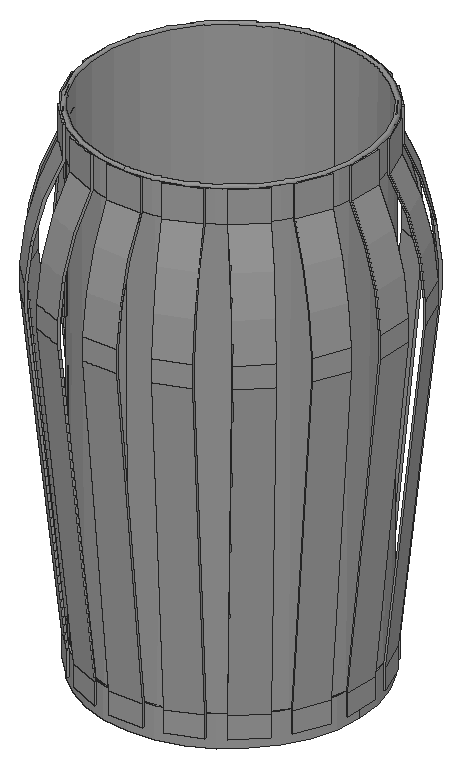
Revit family "Урна уличная круглая «Парко» Арт 12916", category Антураж, Revit 2018
Family settings
  На основе рабочей плоскости = Нет
  Всегда вертикально = Да
  При загрузке вырезать с полостями = Нет
  Источник визуального образа = Геометрия семейства
  Общий = Нет
  Точка расчета площади = Нет
Parameters (values of type "Версия "Нержавеющая сталь"")
  Ширина = 388 mm  # constant formula
  Цвет урны = Нержавеющая сталь
  Сталь = no
  Описание = if(Сталь, "Урна уличная круглая «Парко». Версия сталь", "Урна уличная круглая «Парко». Версия нержавеющая сталь")  # "Урна уличная круглая «Парко». Версия нержавеющая сталь"
  Нержавеющая сталь = not(Сталь)  # yes
  Материал изделия = "Сталь"  # constant formula
  Изображение типоразмера = Урна уличная круглая «Парко» Арт 12916.jpg
  Изготовитель = "ООО «Хоббика»"  # constant formula
  Длина = 388 mm  # constant formula
  Диаметр = 388 mm  # constant formula
  Группа модели = "Уличные урны"  # constant formula
  Высота = 600 mm  # constant formula
  Артикул товара = "Арт. 12916"  # constant formula
  URL = "https://hobbyka.ru/product/urna_ulichnaya_kruglaya_parko/"
Types (3, lengths in mm): name | Цвет урны | Сталь | Описание | Нержавеющая сталь
  (no name) | Нержавеющая сталь | no | "Урна уличная круглая «Парко». Версия нержавеющая сталь" | yes
  Версия "Сталь" | Сталь | yes | "Урна уличная круглая «Парко». Версия сталь" | no
  Версия "Нержавеющая сталь" | Нержавеющая сталь | no | "Урна уличная круглая «Парко». Версия нержавеющая сталь" | yes
Reference planes
  plane 1 "По центру (Вперед/Назад)": y = 0
  plane 2: z = 0
  plane 3 "По центру (Влево/Вправо)": x = 0
  plane 4: x = 388
  plane 5: y = 388
  plane 6: z = 600
Forms (mm)
  Extrusion 1, solid, material "Нержавеющая сталь" <- "Цвет урны"
    sketch origin (0, 0, 0) x (0, 1, 0) y (0, 0, 1)
      loop
        line (35, 597.5) -> (35, 560)
        arc (35, 560) -> (10.253, 496.631) -> (0, 429.378) r 308.414
        line (0, 429.378) -> (0, 404.237)
        arc (0, 404.237) -> (21.548, 220.483) -> (38.676, 36.264) r 7699.992
        line (38.676, 36.264) -> (38.676, 11.264) -> (40.676, 11.264) -> (40.676, 36.344)
        arc (40.676, 36.344) -> (23.548, 220.587) -> (2, 404.366) r 7701.992
        line (2, 404.366) -> (2, 429.337)
        arc (2, 429.337) -> (12.254, 496.37) -> (37, 559.507) r 306.414
        line (37, 559.507) -> (37, 597.5) -> (35, 597.5)
    from 174 to 214
  Extrusion 2, solid, material "Нержавеющая сталь" <- "Цвет урны"
    sketch origin (0, 388, 0) x (0, -1, 0) y (0, 0, -1)
      loop
        line (35, -597.5) -> (37, -597.5) -> (37, -559.507)
        arc (37, -559.507) -> (12.254, -496.37) -> (2, -429.337) r 306.414
        line (2, -429.337) -> (2, -404.366)
        arc (2, -404.366) -> (23.548, -220.587) -> (40.676, -36.344) r 7701.992
        line (40.676, -36.344) -> (40.676, -11.264) -> (38.676, -11.264) -> (38.676, -36.264)
        arc (38.676, -36.264) -> (21.548, -220.483) -> (0, -404.237) r 7699.992
        line (0, -404.237) -> (0, -429.378)
        arc (0, -429.378) -> (10.253, -496.631) -> (35, -560) r 308.414
        line (35, -560) -> (35, -597.5)
    from 174 to 214
  Extrusion 3, solid, material "Нержавеющая сталь" <- "Цвет урны"
    sketch origin (0, 388, 0) x (1, 0, 0) y (0, 0, 1)
      loop
        line (35, 597.5) -> (35, 560)
        arc (35, 560) -> (10.253, 496.631) -> (0, 429.378) r 308.414
        line (0, 429.378) -> (0, 404.237)
        arc (0, 404.237) -> (21.548, 220.483) -> (38.676, 36.264) r 7699.992
        line (38.676, 36.264) -> (38.676, 11.264) -> (40.676, 11.264) -> (40.676, 36.344)
        arc (40.676, 36.344) -> (23.548, 220.587) -> (2, 404.366) r 7701.992
        line (2, 404.366) -> (2, 429.337)
        arc (2, 429.337) -> (12.254, 496.37) -> (37, 559.507) r 306.414
        line (37, 559.507) -> (37, 597.5) -> (35, 597.5)
    from 174 to 214
  Extrusion 4, solid, material "Нержавеющая сталь" <- "Цвет урны"
    sketch origin (388, 388, 0) x (-1, 0, 0) y (0, 0, -1)
      loop
        line (35, -597.5) -> (37, -597.5) -> (37, -559.507)
        arc (37, -559.507) -> (12.254, -496.37) -> (2, -429.337) r 306.414
        line (2, -429.337) -> (2, -404.366)
        arc (2, -404.366) -> (23.548, -220.587) -> (40.676, -36.344) r 7701.992
        line (40.676, -36.344) -> (40.676, -11.264) -> (38.676, -11.264) -> (38.676, -36.264)
        arc (38.676, -36.264) -> (21.548, -220.483) -> (0, -404.237) r 7699.992
        line (0, -404.237) -> (0, -429.378)
        arc (0, -429.378) -> (10.253, -496.631) -> (35, -560) r 308.414
        line (35, -560) -> (35, -597.5)
    from 174 to 214
  Extrusion 5, solid, material "Нержавеющая сталь" <- "Цвет урны"
    sketch origin (-80.357, 194, 0) x (0.707107, 0.707107, 0) y (0, 0, 1)
      loop
        line (35, 597.5) -> (35, 560)
        arc (35, 560) -> (10.253, 496.631) -> (0, 429.378) r 308.414
        line (0, 429.378) -> (0, 404.237)
        arc (0, 404.237) -> (21.548, 220.483) -> (38.676, 36.264) r 7699.992
        line (38.676, 36.264) -> (38.676, 11.264) -> (40.676, 11.264) -> (40.676, 36.344)
        arc (40.676, 36.344) -> (23.548, 220.587) -> (2, 404.366) r 7701.992
        line (2, 404.366) -> (2, 429.337)
        arc (2, 429.337) -> (12.254, 496.37) -> (37, 559.507) r 306.414
        line (37, 559.507) -> (37, 597.5) -> (35, 597.5)
    from 174 to 214
  Extrusion 6, solid, material "Нержавеющая сталь" <- "Цвет урны"
    sketch origin (194, 468.357, 0) x (-0.707107, -0.707107, 0) y (0, 0, -1)
      loop
        line (35, -597.5) -> (37, -597.5) -> (37, -559.507)
        arc (37, -559.507) -> (12.254, -496.37) -> (2, -429.337) r 306.414
        line (2, -429.337) -> (2, -404.366)
        arc (2, -404.366) -> (23.548, -220.587) -> (40.676, -36.344) r 7701.992
        line (40.676, -36.344) -> (40.676, -11.264) -> (38.676, -11.264) -> (38.676, -36.264)
        arc (38.676, -36.264) -> (21.548, -220.483) -> (0, -404.237) r 7699.992
        line (0, -404.237) -> (0, -429.378)
        arc (0, -429.378) -> (10.253, -496.631) -> (35, -560) r 308.414
        line (35, -560) -> (35, -597.5)
    from 174 to 214
  Extrusion 7, solid, material "Нержавеющая сталь" <- "Цвет урны"
    sketch origin (194, 468.357, 0) x (0.707107, -0.707107, 0) y (0, 0, 1)
      loop
        line (35, 597.5) -> (35, 560)
        arc (35, 560) -> (10.253, 496.631) -> (0, 429.378) r 308.414
        line (0, 429.378) -> (0, 404.237)
        arc (0, 404.237) -> (21.548, 220.483) -> (38.676, 36.264) r 7699.992
        line (38.676, 36.264) -> (38.676, 11.264) -> (40.676, 11.264) -> (40.676, 36.344)
        arc (40.676, 36.344) -> (23.548, 220.587) -> (2, 404.366) r 7701.992
        line (2, 404.366) -> (2, 429.337)
        arc (2, 429.337) -> (12.254, 496.37) -> (37, 559.507) r 306.414
        line (37, 559.507) -> (37, 597.5) -> (35, 597.5)
    from 174 to 214
  Extrusion 8, solid, material "Нержавеющая сталь" <- "Цвет урны"
    sketch origin (468.357, 194, 0) x (-0.707107, 0.707107, 0) y (0, 0, -1)
      loop
        line (35, -597.5) -> (37, -597.5) -> (37, -559.507)
        arc (37, -559.507) -> (12.254, -496.37) -> (2, -429.337) r 306.414
        line (2, -429.337) -> (2, -404.366)
        arc (2, -404.366) -> (23.548, -220.587) -> (40.676, -36.344) r 7701.992
        line (40.676, -36.344) -> (40.676, -11.264) -> (38.676, -11.264) -> (38.676, -36.264)
        arc (38.676, -36.264) -> (21.548, -220.483) -> (0, -404.237) r 7699.992
        line (0, -404.237) -> (0, -429.378)
        arc (0, -429.378) -> (10.253, -496.631) -> (35, -560) r 308.414
        line (35, -560) -> (35, -597.5)
    from 174 to 214
  Extrusion 9, solid, material "Нержавеющая сталь" <- "Цвет урны"
    sketch origin (-59.473, 89.008, 0) x (0.382683, 0.92388, 0) y (0, 0, 1)
      loop
        line (35, 597.5) -> (35, 560)
        arc (35, 560) -> (10.253, 496.631) -> (0, 429.378) r 308.414
        line (0, 429.378) -> (0, 404.237)
        arc (0, 404.237) -> (21.548, 220.483) -> (38.676, 36.264) r 7699.992
        line (38.676, 36.264) -> (38.676, 11.264) -> (40.676, 11.264) -> (40.676, 36.344)
        arc (40.676, 36.344) -> (23.548, 220.587) -> (2, 404.366) r 7701.992
        line (2, 404.366) -> (2, 429.337)
        arc (2, 429.337) -> (12.254, 496.37) -> (37, 559.507) r 306.414
        line (37, 559.507) -> (37, 597.5) -> (35, 597.5)
    from 174 to 214
  Extrusion 10, solid, material "Нержавеющая сталь" <- "Цвет урны"
    sketch origin (89.008, 447.473, 0) x (-0.382683, -0.92388, 0) y (0, 0, -1)
      loop
        line (35, -597.5) -> (37, -597.5) -> (37, -559.507)
        arc (37, -559.507) -> (12.254, -496.37) -> (2, -429.337) r 306.414
        line (2, -429.337) -> (2, -404.366)
        arc (2, -404.366) -> (23.548, -220.587) -> (40.676, -36.344) r 7701.992
        line (40.676, -36.344) -> (40.676, -11.264) -> (38.676, -11.264) -> (38.676, -36.264)
        arc (38.676, -36.264) -> (21.548, -220.483) -> (0, -404.237) r 7699.992
        line (0, -404.237) -> (0, -429.378)
        arc (0, -429.378) -> (10.253, -496.631) -> (35, -560) r 308.414
        line (35, -560) -> (35, -597.5)
    from 174 to 214
  Extrusion 11, solid, material "Нержавеющая сталь" <- "Цвет урны"
    sketch origin (89.008, 447.473, 0) x (0.92388, -0.382683, 0) y (0, 0, 1)
      loop
        line (35, 597.5) -> (35, 560)
        arc (35, 560) -> (10.253, 496.631) -> (0, 429.378) r 308.414
        line (0, 429.378) -> (0, 404.237)
        arc (0, 404.237) -> (21.548, 220.483) -> (38.676, 36.264) r 7699.992
        line (38.676, 36.264) -> (38.676, 11.264) -> (40.676, 11.264) -> (40.676, 36.344)
        arc (40.676, 36.344) -> (23.548, 220.587) -> (2, 404.366) r 7701.992
        line (2, 404.366) -> (2, 429.337)
        arc (2, 429.337) -> (12.254, 496.37) -> (37, 559.507) r 306.414
        line (37, 559.507) -> (37, 597.5) -> (35, 597.5)
    from 174 to 214
  Extrusion 12, solid, material "Нержавеющая сталь" <- "Цвет урны"
    sketch origin (447.473, 298.992, 0) x (-0.92388, 0.382683, 0) y (0, 0, -1)
      loop
        line (35, -597.5) -> (37, -597.5) -> (37, -559.507)
        arc (37, -559.507) -> (12.254, -496.37) -> (2, -429.337) r 306.414
        line (2, -429.337) -> (2, -404.366)
        arc (2, -404.366) -> (23.548, -220.587) -> (40.676, -36.344) r 7701.992
        line (40.676, -36.344) -> (40.676, -11.264) -> (38.676, -11.264) -> (38.676, -36.264)
        arc (38.676, -36.264) -> (21.548, -220.483) -> (0, -404.237) r 7699.992
        line (0, -404.237) -> (0, -429.378)
        arc (0, -429.378) -> (10.253, -496.631) -> (35, -560) r 308.414
        line (35, -560) -> (35, -597.5)
    from 174 to 214
  Extrusion 13, solid, material "Нержавеющая сталь" <- "Цвет урны"
    sketch origin (-59.473, 298.992, 0) x (0.92388, 0.382683, 0) y (0, 0, 1)
      loop
        line (35, 597.5) -> (35, 560)
        arc (35, 560) -> (10.253, 496.631) -> (0, 429.378) r 308.414
        line (0, 429.378) -> (0, 404.237)
        arc (0, 404.237) -> (21.548, 220.483) -> (38.676, 36.264) r 7699.992
        line (38.676, 36.264) -> (38.676, 11.264) -> (40.676, 11.264) -> (40.676, 36.344)
        arc (40.676, 36.344) -> (23.548, 220.587) -> (2, 404.366) r 7701.992
        line (2, 404.366) -> (2, 429.337)
        arc (2, 429.337) -> (12.254, 496.37) -> (37, 559.507) r 306.414
        line (37, 559.507) -> (37, 597.5) -> (35, 597.5)
    from 174 to 214
  Extrusion 14, solid, material "Нержавеющая сталь" <- "Цвет урны"
    sketch origin (298.992, 447.473, 0) x (-0.92388, -0.382683, 0) y (0, 0, -1)
      loop
        line (35, -597.5) -> (37, -597.5) -> (37, -559.507)
        arc (37, -559.507) -> (12.254, -496.37) -> (2, -429.337) r 306.414
        line (2, -429.337) -> (2, -404.366)
        arc (2, -404.366) -> (23.548, -220.587) -> (40.676, -36.344) r 7701.992
        line (40.676, -36.344) -> (40.676, -11.264) -> (38.676, -11.264) -> (38.676, -36.264)
        arc (38.676, -36.264) -> (21.548, -220.483) -> (0, -404.237) r 7699.992
        line (0, -404.237) -> (0, -429.378)
        arc (0, -429.378) -> (10.253, -496.631) -> (35, -560) r 308.414
        line (35, -560) -> (35, -597.5)
    from 174 to 214
  Extrusion 15, solid, material "Нержавеющая сталь" <- "Цвет урны"
    sketch origin (298.992, 447.473, 0) x (0.382683, -0.92388, 0) y (0, 0, 1)
      loop
        line (35, 597.5) -> (35, 560)
        arc (35, 560) -> (10.253, 496.631) -> (0, 429.378) r 308.414
        line (0, 429.378) -> (0, 404.237)
        arc (0, 404.237) -> (21.548, 220.483) -> (38.676, 36.264) r 7699.992
        line (38.676, 36.264) -> (38.676, 11.264) -> (40.676, 11.264) -> (40.676, 36.344)
        arc (40.676, 36.344) -> (23.548, 220.587) -> (2, 404.366) r 7701.992
        line (2, 404.366) -> (2, 429.337)
        arc (2, 429.337) -> (12.254, 496.37) -> (37, 559.507) r 306.414
        line (37, 559.507) -> (37, 597.5) -> (35, 597.5)
    from 174 to 214
  Extrusion 16, solid, material "Нержавеющая сталь" <- "Цвет урны"
    sketch origin (447.473, 89.008, 0) x (-0.382683, 0.92388, 0) y (0, 0, -1)
      loop
        line (35, -597.5) -> (37, -597.5) -> (37, -559.507)
        arc (37, -559.507) -> (12.254, -496.37) -> (2, -429.337) r 306.414
        line (2, -429.337) -> (2, -404.366)
        arc (2, -404.366) -> (23.548, -220.587) -> (40.676, -36.344) r 7701.992
        line (40.676, -36.344) -> (40.676, -11.264) -> (38.676, -11.264) -> (38.676, -36.264)
        arc (38.676, -36.264) -> (21.548, -220.483) -> (0, -404.237) r 7699.992
        line (0, -404.237) -> (0, -429.378)
        arc (0, -429.378) -> (10.253, -496.631) -> (35, -560) r 308.414
        line (35, -560) -> (35, -597.5)
    from 174 to 214
  Extrusion 17, solid, material "Нержавеющая сталь" <- "Цвет урны"
    sketch origin (0, 0, 0) x (1, 0, 0) y (0, 1, 0)
      loop
        circle (194, 194) r 157
      loop
        circle (194, 194) r 155
    from 559.507 to 597.5
  Extrusion 18, solid, material "Нержавеющая сталь" <- "Цвет урны"
    sketch origin (0, 0, 0) x (1, 0, 0) y (0, 1, 0)
      loop
        circle (194, 194) r 153.324
      loop
        circle (194, 194) r 151.324
    from 0 to 36.264
  Revolve 19, solid, material "Хром"
    sketch origin (194, 0, 0) x (0, 1, 0) y (0, 0, 1)
      loop
        line (39, 597.513) -> (42.845, 11.264) -> (194, 11.264) -> (194, 13.264) -> (44.832, 13.264) -> (41, 597.513)
        arc (41, 597.513) -> (38.5, 600.013) -> (36, 597.513) r 2.5
        line (36, 597.513) -> (39, 597.513)
      axis (194, 597.513) -> (194, 11.264)
    angle from 0 to 360
Lines and regions (mm)
  symbolic lines
    curve 1: line (0, 194, 0) -> (388, 194, 0)
    curve 2: line (194, 388, 0) -> (194, 0, 0)
    curve 3: line (0, 466.333, 597.5) -> (0, -68.667, 597.5)
    curve 4: line (0, 388, 637.5) -> (0, 0, 637.5)
    curve 5: line (0, 194, 637.5) -> (0, 194, 797.5)
Dimensions and locks
  "Длина": plane 3 "По центру (Влево/Вправо)" to plane 4
  "Ширина": plane 5 to plane 1 "По центру (Вперед/Назад)"
  "Высота": plane 6 to plane 2
  aligned and locked: level to plane 2
Automatic sketch dimensions
  curve 4 to plane 1 "По центру (Вперед/Назад)" = 0 mm
  curve 4 to plane 5 = 0 mm
  curve 3 to plane 6 = 2.5 mm
  plane 1 "По центру (Вперед/Назад)" to curve 3 = 68.667 mm
  plane 6 to curve 5 = 37.5 mm
  curve 5 to curve 4 = 194 mm
  plane 5 to curve 3 = 78.333 mm
  curve 5 to curve 5 = 160 mm
  curve 1 to plane 3 "По центру (Влево/Вправо)" = 0 mm
  curve 2 to plane 5 = 0 mm
  plane 1 "По центру (Вперед/Назад)" to curve 2 = 0 mm
  curve 1 to plane 4 = 0 mm
  plane 3 "По центру (Влево/Вправо)" to curve 2 = 194 mm
  curve 1 to plane 1 "По центру (Вперед/Назад)" = 194 mm
  Extrusion 1 sketch curve to Extrusion 1 sketch curve = 0 mm  (x4)
  Extrusion 1 sketch curve to plane 1 "По центру (Вперед/Назад)" = 0 mm
  Extrusion 1 sketch curve to level = 584.386 mm
  plane 1 "По центру (Вперед/Назад)" to Extrusion 1 sketch curve = 7636.262 mm
  Extrusion 1 sketch curve to plane 1 "По центру (Вперед/Назад)" = 2 mm
  Extrusion 1 sketch curve to plane 6 = 2.5 mm
  Extrusion 1 sketch curve to plane 1 "По центру (Вперед/Назад)" = 35 mm
  Extrusion 1 sketch curve to Extrusion 1 sketch curve = 2 mm  (x2)
  level to Extrusion 1 sketch curve = 36.264 mm
  Extrusion 1 sketch curve to plane 1 "По центру (Вперед/Назад)" = 38.676 mm
  Extrusion 1 sketch curve to plane 5 = 79.842 mm
  level to Extrusion 1 sketch curve = 11.264 mm
  Extrusion 1 sketch curve to Extrusion 1 sketch curve = 0.081 mm
  Extrusion 1 sketch curve to plane 6 = 183.192 mm
  Extrusion 1 sketch curve to Extrusion 1 sketch curve = 24.972 mm
  Extrusion 1 sketch curve to Extrusion 1 sketch curve = 0.041 mm
  Extrusion 2 sketch curve to Extrusion 2 sketch curve = 0 mm  (x4)
  Extrusion 2 sketch curve to plane 5 = 0 mm
  level to Extrusion 2 sketch curve = 584.386 mm
  Extrusion 2 sketch curve to plane 5 = 7636.262 mm
  plane 5 to Extrusion 2 sketch curve = 2 mm
  plane 6 to Extrusion 2 sketch curve = 2.5 mm
  plane 5 to Extrusion 2 sketch curve = 35 mm
  Extrusion 2 sketch curve to Extrusion 2 sketch curve = 2 mm  (x2)
  Extrusion 2 sketch curve to level = 36.264 mm
  plane 1 "По центру (Вперед/Назад)" to Extrusion 2 sketch curve = 349.324 mm
  plane 1 "По центру (Вперед/Назад)" to Extrusion 2 sketch curve = 79.842 mm
  Extrusion 2 sketch curve to level = 11.264 mm
  Extrusion 2 sketch curve to Extrusion 2 sketch curve = 0.081 mm
  plane 6 to Extrusion 2 sketch curve = 183.192 mm
  Extrusion 2 sketch curve to Extrusion 2 sketch curve = 24.972 mm
  Extrusion 2 sketch curve to Extrusion 2 sketch curve = 0.041 mm
  Extrusion 3 sketch curve to Extrusion 3 sketch curve = 0 mm  (x4)
  Extrusion 3 sketch curve to plane 3 "По центру (Влево/Вправо)" = 0 mm
  Extrusion 3 sketch curve to level = 584.386 mm
  Extrusion 3 sketch curve to plane 3 "По центру (Влево/Вправо)" = 7636.262 mm
  plane 3 "По центру (Влево/Вправо)" to Extrusion 3 sketch curve = 2 mm
  Extrusion 3 sketch curve to plane 6 = 2.5 mm
  plane 3 "По центру (Влево/Вправо)" to Extrusion 3 sketch curve = 35 mm
  Extrusion 3 sketch curve to Extrusion 3 sketch curve = 2 mm  (x2)
  level to Extrusion 3 sketch curve = 36.264 mm
  plane 3 "По центру (Влево/Вправо)" to Extrusion 3 sketch curve = 38.676 mm
  Extrusion 3 sketch curve to plane 4 = 79.842 mm
  level to Extrusion 3 sketch curve = 11.264 mm
  Extrusion 3 sketch curve to Extrusion 3 sketch curve = 0.081 mm
  Extrusion 3 sketch curve to plane 6 = 183.192 mm
  Extrusion 3 sketch curve to Extrusion 3 sketch curve = 24.972 mm
  Extrusion 3 sketch curve to Extrusion 3 sketch curve = 0.041 mm
  Extrusion 4 sketch curve to Extrusion 4 sketch curve = 0 mm  (x4)
  Extrusion 4 sketch curve to plane 4 = 0 mm
  Extrusion 4 sketch curve to level = 584.386 mm
  plane 4 to Extrusion 4 sketch curve = 7636.262 mm
  Extrusion 4 sketch curve to plane 4 = 2 mm
  Extrusion 4 sketch curve to plane 6 = 2.5 mm
  Extrusion 4 sketch curve to plane 4 = 35 mm
  Extrusion 4 sketch curve to Extrusion 4 sketch curve = 2 mm  (x2)
  level to Extrusion 4 sketch curve = 36.264 mm
  plane 3 "По центру (Влево/Вправо)" to Extrusion 4 sketch curve = 349.324 mm
  plane 3 "По центру (Влево/Вправо)" to Extrusion 4 sketch curve = 79.842 mm
  Extrusion 4 sketch curve to Extrusion 4 sketch curve = 37.5 mm
  Extrusion 4 sketch curve to Extrusion 4 sketch curve = 0.493 mm
  Extrusion 4 sketch curve to Extrusion 4 sketch curve = 25.141 mm
  Extrusion 4 sketch curve to Extrusion 4 sketch curve = 0.129 mm
  level to Extrusion 4 sketch curve = 11.264 mm
  Extrusion 5 sketch curve to Extrusion 5 sketch curve = 0 mm  (x4)
  Extrusion 5 sketch curve to level = 584.386 mm
  Extrusion 5 sketch curve to plane 6 = 195.763 mm
  Extrusion 5 sketch curve to Extrusion 5 sketch curve = 7636.262 mm
  Extrusion 5 sketch curve to Extrusion 5 sketch curve = 2 mm  (x3)
  Extrusion 5 sketch curve to plane 6 = 2.5 mm
  Extrusion 5 sketch curve to Extrusion 5 sketch curve = 33 mm
  level to Extrusion 5 sketch curve = 36.264 mm
  Extrusion 5 sketch curve to plane 6 = 183.192 mm
  Extrusion 5 sketch curve to Extrusion 5 sketch curve = 306.158 mm
  level to Extrusion 5 sketch curve = 11.264 mm
  Extrusion 5 sketch curve to Extrusion 5 sketch curve = 0.081 mm
  Extrusion 5 sketch curve to Extrusion 5 sketch curve = 24.972 mm
  Extrusion 5 sketch curve to Extrusion 5 sketch curve = 0.041 mm
  Extrusion 6 sketch curve to Extrusion 6 sketch curve = 0 mm  (x4)
  Extrusion 6 sketch curve to level = 584.386 mm
  Extrusion 6 sketch curve to plane 6 = 195.763 mm
  Extrusion 6 sketch curve to Extrusion 6 sketch curve = 7636.262 mm
  Extrusion 6 sketch curve to Extrusion 6 sketch curve = 2 mm  (x3)
  Extrusion 6 sketch curve to plane 6 = 2.5 mm
  Extrusion 6 sketch curve to Extrusion 6 sketch curve = 33 mm
  level to Extrusion 6 sketch curve = 36.264 mm
  Extrusion 6 sketch curve to plane 6 = 183.192 mm
  Extrusion 6 sketch curve to Extrusion 6 sketch curve = 306.158 mm
  Extrusion 6 sketch curve to Extrusion 6 sketch curve = 37.5 mm
  Extrusion 6 sketch curve to Extrusion 6 sketch curve = 0.493 mm
  Extrusion 6 sketch curve to Extrusion 6 sketch curve = 0.129 mm
  level to Extrusion 6 sketch curve = 11.264 mm
  Extrusion 7 sketch curve to Extrusion 7 sketch curve = 0 mm  (x4)
  Extrusion 7 sketch curve to level = 584.386 mm
  Extrusion 7 sketch curve to plane 6 = 195.763 mm
  Extrusion 7 sketch curve to Extrusion 7 sketch curve = 7636.262 mm
  Extrusion 7 sketch curve to Extrusion 7 sketch curve = 2 mm  (x3)
  Extrusion 7 sketch curve to plane 6 = 2.5 mm
  Extrusion 7 sketch curve to Extrusion 7 sketch curve = 33 mm
  level to Extrusion 7 sketch curve = 36.264 mm
  Extrusion 7 sketch curve to plane 6 = 183.192 mm
  Extrusion 7 sketch curve to Extrusion 7 sketch curve = 306.158 mm
  level to Extrusion 7 sketch curve = 11.264 mm
  Extrusion 7 sketch curve to Extrusion 7 sketch curve = 0.081 mm
  Extrusion 7 sketch curve to Extrusion 7 sketch curve = 24.972 mm
  Extrusion 7 sketch curve to Extrusion 7 sketch curve = 0.041 mm
  Extrusion 8 sketch curve to Extrusion 8 sketch curve = 0 mm  (x4)
  Extrusion 8 sketch curve to level = 584.386 mm
  Extrusion 8 sketch curve to plane 6 = 195.763 mm
  Extrusion 8 sketch curve to Extrusion 8 sketch curve = 7636.262 mm
  Extrusion 8 sketch curve to Extrusion 8 sketch curve = 2 mm  (x3)
  Extrusion 8 sketch curve to plane 6 = 2.5 mm
  Extrusion 8 sketch curve to Extrusion 8 sketch curve = 33 mm
  level to Extrusion 8 sketch curve = 36.264 mm
  Extrusion 8 sketch curve to plane 6 = 183.192 mm
  Extrusion 8 sketch curve to Extrusion 8 sketch curve = 306.158 mm
  Extrusion 8 sketch curve to Extrusion 8 sketch curve = 37.5 mm
  Extrusion 8 sketch curve to Extrusion 8 sketch curve = 0.493 mm
  Extrusion 8 sketch curve to Extrusion 8 sketch curve = 0.129 mm
  level to Extrusion 8 sketch curve = 11.264 mm
  Extrusion 9 sketch curve to Extrusion 9 sketch curve = 0 mm  (x4)
  Extrusion 9 sketch curve to level = 584.386 mm
  Extrusion 9 sketch curve to plane 6 = 195.763 mm
  Extrusion 9 sketch curve to Extrusion 9 sketch curve = 7636.262 mm
  Extrusion 9 sketch curve to Extrusion 9 sketch curve = 2 mm  (x3)
  Extrusion 9 sketch curve to plane 6 = 2.5 mm
  Extrusion 9 sketch curve to Extrusion 9 sketch curve = 33 mm
  level to Extrusion 9 sketch curve = 36.264 mm
  Extrusion 9 sketch curve to plane 6 = 183.192 mm
  Extrusion 9 sketch curve to Extrusion 9 sketch curve = 306.158 mm
  level to Extrusion 9 sketch curve = 11.264 mm
  Extrusion 9 sketch curve to Extrusion 9 sketch curve = 0.081 mm
  Extrusion 9 sketch curve to Extrusion 9 sketch curve = 24.972 mm
  Extrusion 9 sketch curve to Extrusion 9 sketch curve = 0.041 mm
  Extrusion 10 sketch curve to Extrusion 10 sketch curve = 0 mm  (x4)
  Extrusion 10 sketch curve to level = 584.386 mm
  Extrusion 10 sketch curve to plane 6 = 195.763 mm
  Extrusion 10 sketch curve to Extrusion 10 sketch curve = 7636.262 mm
  Extrusion 10 sketch curve to Extrusion 10 sketch curve = 2 mm  (x3)
  Extrusion 10 sketch curve to plane 6 = 2.5 mm
  Extrusion 10 sketch curve to Extrusion 10 sketch curve = 33 mm
  level to Extrusion 10 sketch curve = 36.264 mm
  Extrusion 10 sketch curve to plane 6 = 183.192 mm
  Extrusion 10 sketch curve to Extrusion 10 sketch curve = 306.158 mm
  Extrusion 10 sketch curve to Extrusion 10 sketch curve = 37.5 mm
  Extrusion 10 sketch curve to Extrusion 10 sketch curve = 0.493 mm
  Extrusion 10 sketch curve to Extrusion 10 sketch curve = 0.129 mm
  level to Extrusion 10 sketch curve = 11.264 mm
  Extrusion 11 sketch curve to Extrusion 11 sketch curve = 0 mm  (x4)
  Extrusion 11 sketch curve to level = 584.386 mm
  Extrusion 11 sketch curve to plane 6 = 195.763 mm
  Extrusion 11 sketch curve to Extrusion 11 sketch curve = 7636.262 mm
  Extrusion 11 sketch curve to Extrusion 11 sketch curve = 2 mm  (x3)
  Extrusion 11 sketch curve to plane 6 = 2.5 mm
  Extrusion 11 sketch curve to Extrusion 11 sketch curve = 33 mm
  level to Extrusion 11 sketch curve = 36.264 mm
  Extrusion 11 sketch curve to plane 6 = 183.192 mm
  Extrusion 11 sketch curve to Extrusion 11 sketch curve = 306.158 mm
  level to Extrusion 11 sketch curve = 11.264 mm
  Extrusion 11 sketch curve to Extrusion 11 sketch curve = 0.081 mm
  Extrusion 11 sketch curve to Extrusion 11 sketch curve = 24.972 mm
  Extrusion 11 sketch curve to Extrusion 11 sketch curve = 0.041 mm
  Extrusion 12 sketch curve to Extrusion 12 sketch curve = 0 mm  (x4)
  Extrusion 12 sketch curve to level = 584.386 mm
  Extrusion 12 sketch curve to plane 6 = 195.763 mm
  Extrusion 12 sketch curve to Extrusion 12 sketch curve = 7636.262 mm
  Extrusion 12 sketch curve to Extrusion 12 sketch curve = 2 mm  (x3)
  Extrusion 12 sketch curve to plane 6 = 2.5 mm
  Extrusion 12 sketch curve to Extrusion 12 sketch curve = 33 mm
  level to Extrusion 12 sketch curve = 36.264 mm
  Extrusion 12 sketch curve to plane 6 = 183.192 mm
  Extrusion 12 sketch curve to Extrusion 12 sketch curve = 306.158 mm
  Extrusion 12 sketch curve to Extrusion 12 sketch curve = 37.5 mm
  Extrusion 12 sketch curve to Extrusion 12 sketch curve = 0.493 mm
  Extrusion 12 sketch curve to Extrusion 12 sketch curve = 0.129 mm
  level to Extrusion 12 sketch curve = 11.264 mm
  Extrusion 13 sketch curve to Extrusion 13 sketch curve = 0 mm  (x4)
  Extrusion 13 sketch curve to level = 584.386 mm
  Extrusion 13 sketch curve to plane 6 = 195.763 mm
  Extrusion 13 sketch curve to Extrusion 13 sketch curve = 7636.262 mm
  Extrusion 13 sketch curve to Extrusion 13 sketch curve = 2 mm  (x3)
  Extrusion 13 sketch curve to plane 6 = 2.5 mm
  Extrusion 13 sketch curve to Extrusion 13 sketch curve = 33 mm
  level to Extrusion 13 sketch curve = 36.264 mm
  Extrusion 13 sketch curve to plane 6 = 183.192 mm
  Extrusion 13 sketch curve to Extrusion 13 sketch curve = 306.158 mm
  level to Extrusion 13 sketch curve = 11.264 mm
  Extrusion 13 sketch curve to Extrusion 13 sketch curve = 0.081 mm
  Extrusion 13 sketch curve to Extrusion 13 sketch curve = 24.972 mm
  Extrusion 13 sketch curve to Extrusion 13 sketch curve = 0.041 mm
  Extrusion 14 sketch curve to Extrusion 14 sketch curve = 0 mm  (x4)
  Extrusion 14 sketch curve to level = 584.386 mm
  Extrusion 14 sketch curve to plane 6 = 195.763 mm
  Extrusion 14 sketch curve to Extrusion 14 sketch curve = 7636.262 mm
  Extrusion 14 sketch curve to Extrusion 14 sketch curve = 2 mm  (x3)
  Extrusion 14 sketch curve to plane 6 = 2.5 mm
  Extrusion 14 sketch curve to Extrusion 14 sketch curve = 33 mm
  level to Extrusion 14 sketch curve = 36.264 mm
  Extrusion 14 sketch curve to plane 6 = 183.192 mm
  Extrusion 14 sketch curve to Extrusion 14 sketch curve = 306.158 mm
  Extrusion 14 sketch curve to Extrusion 14 sketch curve = 37.5 mm
  Extrusion 14 sketch curve to Extrusion 14 sketch curve = 0.493 mm
  Extrusion 14 sketch curve to Extrusion 14 sketch curve = 0.129 mm
  level to Extrusion 14 sketch curve = 11.264 mm
  Extrusion 15 sketch curve to Extrusion 15 sketch curve = 0 mm  (x4)
  Extrusion 15 sketch curve to level = 584.386 mm
  Extrusion 15 sketch curve to plane 6 = 195.763 mm
  Extrusion 15 sketch curve to Extrusion 15 sketch curve = 7636.262 mm
  Extrusion 15 sketch curve to Extrusion 15 sketch curve = 2 mm  (x3)
  Extrusion 15 sketch curve to plane 6 = 2.5 mm
  Extrusion 15 sketch curve to Extrusion 15 sketch curve = 33 mm
  level to Extrusion 15 sketch curve = 36.264 mm
  Extrusion 15 sketch curve to plane 6 = 183.192 mm
  Extrusion 15 sketch curve to Extrusion 15 sketch curve = 306.158 mm
  level to Extrusion 15 sketch curve = 11.264 mm
  Extrusion 15 sketch curve to Extrusion 15 sketch curve = 0.081 mm
  Extrusion 15 sketch curve to Extrusion 15 sketch curve = 24.972 mm
  Extrusion 15 sketch curve to Extrusion 15 sketch curve = 0.041 mm
  Extrusion 16 sketch curve to Extrusion 16 sketch curve = 0 mm  (x4)
  Extrusion 16 sketch curve to level = 584.386 mm
  Extrusion 16 sketch curve to plane 6 = 195.763 mm
  Extrusion 16 sketch curve to Extrusion 16 sketch curve = 7636.262 mm
  Extrusion 16 sketch curve to Extrusion 16 sketch curve = 2 mm  (x3)
  Extrusion 16 sketch curve to plane 6 = 2.5 mm
  Extrusion 16 sketch curve to Extrusion 16 sketch curve = 33 mm
  level to Extrusion 16 sketch curve = 36.264 mm
  Extrusion 16 sketch curve to plane 6 = 183.192 mm
  Extrusion 16 sketch curve to Extrusion 16 sketch curve = 306.158 mm
  Extrusion 16 sketch curve to Extrusion 16 sketch curve = 37.5 mm
  Extrusion 16 sketch curve to Extrusion 16 sketch curve = 0.493 mm
  Extrusion 16 sketch curve to Extrusion 16 sketch curve = 0.129 mm
  level to Extrusion 16 sketch curve = 11.264 mm
  Extrusion 17 sketch curve to Extrusion 17 sketch curve = 0 mm  (x2)
  plane 3 "По центру (Влево/Вправо)" to Extrusion 17 sketch curve = 194 mm
  Extrusion 17 sketch curve to plane 1 "По центру (Вперед/Назад)" = 194 mm
  Extrusion 18 sketch curve to Extrusion 18 sketch curve = 0 mm  (x2)
  plane 3 "По центру (Влево/Вправо)" to Extrusion 18 sketch curve = 194 mm
  Extrusion 18 sketch curve to plane 1 "По центру (Вперед/Назад)" = 194 mm
  Revolve 19 sketch curve to plane 6 = 2.487 mm
  Revolve 19 sketch curve to plane 1 "По центру (Вперед/Назад)" = 36 mm
  Revolve 19 sketch curve to Revolve 19 sketch curve = 2.5 mm
  Revolve 19 sketch curve to Revolve 19 sketch curve = 0.5 mm
  level to Revolve 19 sketch curve = 11.264 mm
  Revolve 19 sketch curve to plane 1 "По центру (Вперед/Назад)" = 42.845 mm
  level to Revolve 19 sketch curve = 13.264 mm
  Revolve 19 sketch curve to Revolve 19 sketch curve = 1.987 mm
  Revolve 19 sketch curve to Revolve 19 sketch curve = 149.168 mm
  Revolve 19 sketch curve to Revolve 19 sketch curve = 0 mm  (x2)
  plane 6 to Revolve 19 sketch curve = 37.5 mm
  radius of Extrusion 17 sketch curve = 157 mm
  radius of Extrusion 17 sketch curve = 155 mm
  radius of Extrusion 18 sketch curve = 153.324 mm
  radius of Extrusion 18 sketch curve = 151.324 mm
